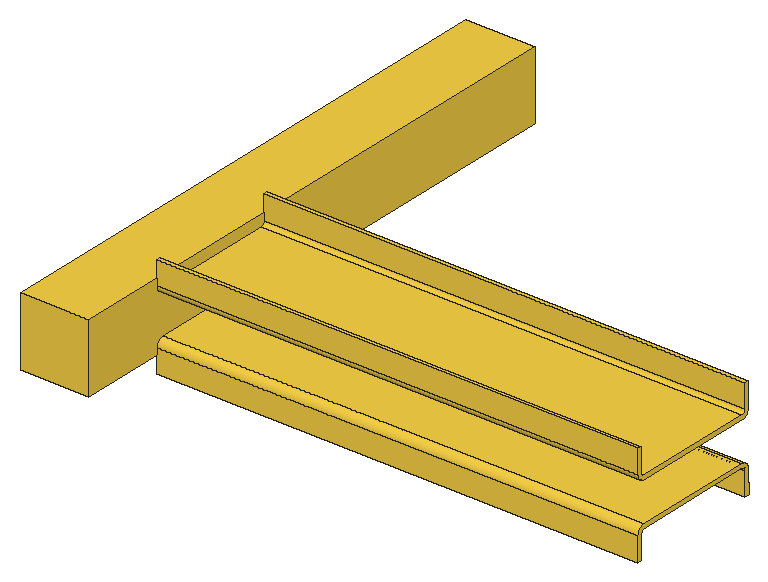
Revit family "HANDRAIL SUPPORT VM_2211165", category Generic Models, Revit 2018
Family settings
  Can host rebar = No
  Round Connector Dimension = Use Diameter
  Part Type = Normal
  OmniClass Number = 35.51.14.00
  OmniClass Title = FORMWORK
  Work Plane-Based = Yes
  Always vertical = No
  Cut with Voids When Loaded = No
  Shared = Yes
  Room Calculation Point = No
Parameters
  VERSION = "20170217"  # constant formula
  URL = "www.ulmaconstruction.com/en"
  UNICLASS = ""
  Manufacturer = "ULMA CONSTRUCTION"  # constant formula
  ITEM_CODE = "2211165"
  FILTER [instance] = ""
  Default Elevation = 0 mm
  CLASSIFICATION_TITLE = ""
  CLASSIFICATION_NUMBER = ""
Reference planes
  plane 1 "Centro (Frontal/Posterior)": y = 0
  plane 2: z = 0
  plane 3 "Centro (Izquierda/Derecha)": x = 0
  plane 4: z = -15
  plane 5 "AXE": x = -147.5
Forms (mm)
  Extrusion 1, solid, material "ULMA YELLOW"
    sketch origin (-120, 0, -15) x (0, 0, 1) y (0, 1, 0)
      loop
        line (-41, -55) -> (-22, -55)
        arc (-22, -55) -> (-17.757, -53.243) -> (-16, -49) r 6
        line (-16, -49) -> (-16, 49)
        arc (-16, 49) -> (-17.757, 53.243) -> (-22, 55) r 6
        line (-22, 55) -> (-41, 55) -> (-41, 52) -> (-22, 52)
        arc (-22, 52) -> (-19.879, 51.121) -> (-19, 49) r 3
        line (-19, 49) -> (-19, -49)
        arc (-19, -49) -> (-19.879, -51.121) -> (-22, -52) r 3
        line (-22, -52) -> (-41, -52) -> (-41, -55)
      loop
        line (41, -55) -> (41, -52) -> (22, -52)
        arc (22, -52) -> (19.879, -51.121) -> (19, -49) r 3
        line (19, -49) -> (19, 49)
        arc (19, 49) -> (19.879, 51.121) -> (22, 52) r 3
        line (22, 52) -> (41, 52) -> (41, 55) -> (22, 55)
        arc (22, 55) -> (17.757, 53.243) -> (16, 49) r 6
        line (16, 49) -> (16, -49)
        arc (16, -49) -> (17.757, -53.243) -> (22, -55) r 6
        line (22, -55) -> (41, -55)
    from -385 to 0
  Extrusion 2, solid, material "ULMA YELLOW"
    sketch origin (0, 0, 0) x (1, 0, 0) y (0, 0, 1)
      loop
        line (-175, 12.5) -> (-175, -42.5) -> (-120, -42.5) -> (-120, 12.5) -> (-175, 12.5)
    from 122.5 to -322.5
Lines and regions (mm)
  model lines, style "ULMA HANDRAIL", detail levels fine
    curve 1: circle (210, 0, -31) r 9 normal (0, 0, -1)
    curve 2: circle (160, 0, -31) r 9 normal (0, 0, -1)
    curve 3: circle (50, 0, -31) r 9 normal (0, 0, -1)
    curve 4: circle (0, 0, -31) r 9 normal (0, 0, -1)
    curve 5: circle (210, 0, 4) r 9 normal (0, 0, -1)
    curve 6: circle (160, 0, 4) r 9 normal (0, 0, -1)
    curve 7: circle (50, 0, 4) r 9 normal (0, 0, -1)
    curve 8: circle (0, 0, 4) r 9 normal (0, 0, -1)
    curve 9: circle (210, 0, 1) r 9 normal (0, 0, -1)
    curve 10: circle (160, 0, 1) r 9 normal (0, 0, -1)
    curve 11: circle (50, 0, 1) r 9 normal (0, 0, -1)
    curve 12: circle (0, 0, 1) r 9 normal (0, 0, -1)
    curve 13: circle (210, 0, -34) r 9 normal (0, 0, -1)
    curve 14: circle (160, 0, -34) r 9 normal (0, 0, -1)
    curve 15: circle (50, 0, -34) r 9 normal (0, 0, -1)
    curve 16: circle (0, 0, -34) r 9 normal (0, 0, -1)
    curve 17: circle (-147.5, -42.5, 12.5) r 9 normal (0, 0, 1)
    curve 18: circle (-147.5, 242.5, 12.5) r 9 normal (0, 0, 1)
    curve 19: circle (-147.5, -42.5, -42.5) r 9 normal (0, 0, 1)
    curve 20: circle (-147.5, 242.5, -42.5) r 9 normal (0, 0, 1)
  model lines, style "ULMA REFERENCE", detail levels fine
    curve 21: line (-175, 322.5, 12.5) -> (-120, 322.5, -42.5)
    curve 22: line (-120, 322.5, 12.5) -> (-175, 322.5, -42.5)
    curve 23: line (-175, -122.5, 12.5) -> (-120, -122.5, -42.5)
    curve 24: line (-120, -122.5, 12.5) -> (-175, -122.5, -42.5)
Dimensions and locks
  locked: plane 2 to plane 4 at 15
  locked: plane 5 "AXE" to plane 3 "Centro (Izquierda/Derecha)" at 147.5
  aligned and locked: level to plane 2
